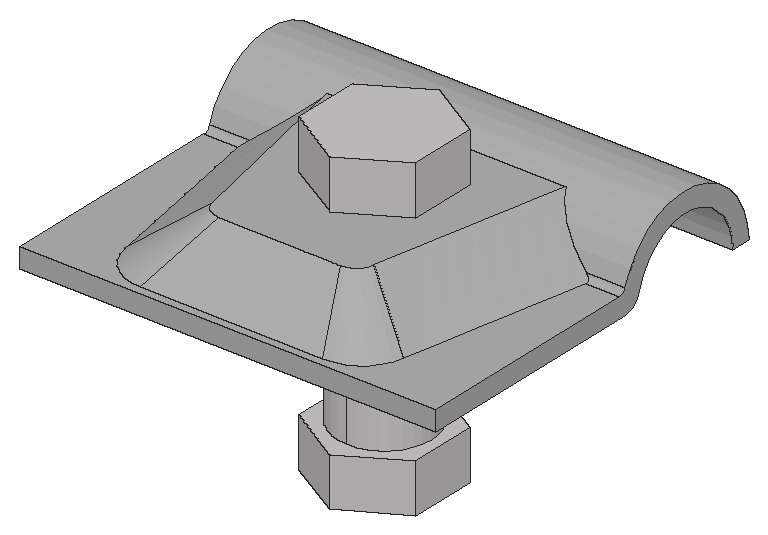
Revit family "DF_ЗажимСоединительныйПрижимной_Пруток-Пруток_91071-2_EZETEK", category Соединительные детали воздуховодов, Revit 2017
Family settings
  Размер круглого соединителя = Использовать радиус
  Тип детали = Соединение
  На основе рабочей плоскости = Нет
  Всегда вертикально = Да
  При загрузке вырезать с полостями = Нет
  Общий = Нет
Parameters (values of type "ЗажимСоединительныйПрижимной_Пруток-Пруток_91071-2")
  Угол = 0.00°  # constant formula
  Тип = FA_ЗажимСоединительныйПрижимной_Пруток-Пруток_91071-2_EZETEK : ЗажимСоединительныйПрижимной_Пруток-Пруток_91071-2
  СфераОшибки [instance] = or(ADSK_Размер_Радиус > 5.0 mm, ADSK_Размер_Радиус < 4.0 mm)  # no
  Предупреждение [instance] = if(СфераОшибки, "Допустимые диаметры стержней: 8, 10", "")  # ""
  Описание = "Зажим выполнен из оцинкованной стали и используется для фиксации прутка системы молниезащиты диаметром 8-10 мм непосредственно к фасаду здания или к металлическим конструкциям при помощи винта."  # constant formula
  Производитель_Контакты = "ezetek@ezetek.ru"  # constant formula
  built-in parameter 1114242 [instance] = 1 = 0  # (empty or 0)
  Изготовитель = "Ezetek"  # constant formula
  Группа модели = "Зажимы"  # constant formula
  URL = "https://ezetek.ru/"
  R_Error [instance] = if(СфераОшибки, 200.0 mm, 1.0 mm)  # 1.0 mm
  ADSK_Этаж [instance] = ""
  ADSK_Размер_Радиус [instance] = 5.0 mm
  ADSK_Размер_Диаметр [instance] = ADSK_Размер_Радиус * 2  # 10.0 mm
  ADSK_Примечание [instance] = "Неспецифицируемое"  # constant formula
  ADSK_Позиция [instance] = "Неспецифицируемое"  # constant formula
  ADSK_Обозначение = "Неспецифицируемое"  # constant formula
  ADSK_Наименование краткое [instance] = "Неспецифицируемое"  # constant formula
  ADSK_Наименование = "Неспецифицируемое"  # constant formula
  ADSK_Материал = BIMLIB_Сталь_Оцинкованная_EZETEK
  ADSK_Масса_Текст = "Неспецифицируемое"  # constant formula
  ADSK_Масса = 0  # constant formula
  ADSK_Марка = "Неспецифицируемое"  # constant formula
  ADSK_Количество = 0  # constant formula
  ADSK_Код изделия = "Неспецифицируемое"  # constant formula
  ADSK_Завод-изготовитель = "Неспецифицируемое"  # constant formula
  ADSK_Единица измерения = "Неспецифицируемое"  # constant formula
  ADSK_Группирование [instance] = ""
  ADSK_Версия Revit = "2017"  # constant formula
Reference planes
  plane 1 "По центру (Вперед/Назад)": y = 0
  plane 2: z = 0
  plane 3 "По центру (Влево/Вправо)": x = 0
  plane 4 "M": y = 0
Forms (mm)
  Revolve 1, solid, visible <- "СфераОшибки"
    sketch origin (0, 0, 0) x (1, 0, 0) y (0, 1, 0)
      loop
        arc (1, 0) -> (0, 1) -> (-1, 0) r 1
        line (-1, 0) -> (1, 0)
      axis (1, 0) -> (-1, 0)
    angle from 0 to 360
Lines and regions (mm)
  reference lines
    curve 1: line (1.016, 0, 0) -> (-1.016, 0, 0)
Dimensions and locks
  curve 1 to curve 1 = 0.0 mm
  "R_Error": radius of Revolve 1 sketch curve
  aligned and locked: level to plane 2
  aligned and locked: plane 1 "По центру (Вперед/Назад)" to Revolve 1 sketch curve  (x2)
  aligned and locked: Revolve 1 sketch curve to plane 4 "M"
  aligned and locked: plane 2 to nested 1
Automatic sketch dimensions
  plane 1 "По центру (Вперед/Назад)" to curve 1 = 0.0 mm
  curve 1 to plane 3 "По центру (Влево/Вправо)" = 1.016 mm
  plane 3 "По центру (Влево/Вправо)" to curve 1 = 1.016 mm
  Revolve 1 sketch curve to plane 3 "По центру (Влево/Вправо)" = 0.0 mm
  Revolve 1 sketch curve to Revolve 1 sketch curve = 0.294 mm
  Revolve 1 sketch curve to Revolve 1 sketch curve = 5.119 mm
Nested families
  nested 1: "FA_ЗажимСоединительныйПрижимной_Пруток-Пруток_91071-2_EZETEK" at (0, -11.69, 0) x (0, 1, 0) z (0, 0, 1), ADSK_Группирование <- "ADSK_Группирование", ADSK_Этаж <- "ADSK_Этаж", type <- "Тип", type "ЗажимСоединительныйПрижимной_Пруток-Пруток_91071-2", detail levels fine
    with Использовать масштаб аннотаций 0, ADSK_Этаж "", ADSK_Примечание "", ADSK_Позиция "", ADSK_Наименование краткое "Зажим соединительный", ADSK_Группирование ""
Connectors
  hvac at (-1.016, 0, 0), driven by "ADSK_Размер_Радиус"
    settings: on curve 1, index 1, duct flow 0.0 L/s, flow factor 0, pres drop 0.0 Pa, loss coef 0, conn angle 0.00°, conn width 304.8 mm, conn height 304.8 mm, conn diameter 10 mm, duct sys type 1, conn prof type 0, flow config 0, flow direction 0, loss method 0, conn ref index 2, conn util no, is conn primary yes, conn desc ""
  hvac at (1.016, 0, 0), driven by "ADSK_Размер_Радиус"
    settings: on curve 1, index 2, duct flow 0.0 L/s, flow factor 0, pres drop 0.0 Pa, loss coef 0, conn angle 0.00°, conn width 304.8 mm, conn height 304.8 mm, conn diameter 10 mm, duct sys type 1, conn prof type 0, flow config 0, flow direction 0, loss method 0, conn ref index 1, conn util no, is conn primary no, conn desc ""
Definition of nested family "FA_ЗажимСоединительныйПрижимной_Пруток-Пруток_91071-2_EZETEK"
  Parameters (values of type "ЗажимСоединительныйПрижимной_Пруток-Пруток_91071-2")
    Угол = 90.00°  # constant formula
    Производитель_Контакты = "ezetek@ezetek.ru"  # constant formula
    Description = "Зажим выполнен из оцинкованной стали и используется для фиксации прутка системы молниезащиты диаметром 8-10 мм непосредственно к фасаду здания или к металлическим конструкциям при помощи винта."  # constant formula
    Использовать масштаб аннотаций [instance] = 1 = 0  # 0
    Manufacturer = "Ezetek"  # constant formula
    Model = "Зажимы"  # constant formula
    URL = "https://ezetek.ru/"
    ADSK_Этаж [instance] = ""
    ADSK_Примечание [instance] = ""
    ADSK_Позиция [instance] = ""
    ADSK_Обозначение = "91071-2"
    ADSK_Наименование краткое [instance] = "Зажим соединительный"
    ADSK_Наименование = "Зажим соединительный круглого проводника 8-10 мм прижимной, оцинк"
    ADSK_Материал = none
    ADSK_Масса_Текст = "0.04"  # constant formula
    ADSK_Масса = 0.04  # constant formula
    ADSK_Марка = "91071-2"
    ADSK_Количество = 1  # constant formula
    ADSK_Код изделия = "91071-2"
    ADSK_Завод-изготовитель = "Ezetek"  # constant formula
    ADSK_Единица измерения = "шт."  # constant formula
    ADSK_Группирование [instance] = ""
    ADSK_Версия Revit = "2017"  # constant formula
  Reference planes
    plane 1 "По центру (Вперед/Назад)": y = 0
    plane 2: z = 0
    plane 3 "По центру (Влево/Вправо)": x = 0
    plane 4: z = 0
    plane 5: y = 21.125
    plane 6: y = -21.125
    plane 7: z = 11.971
    plane 8: x = -19.875
    plane 9: x = 19.875
  Forms (mm)
    Extrusion 1, solid, detail levels fine
      sketch origin (0, 0, 0) x (1, 0, 0) y (0, 1, 0)
        loop
          circle (0, 0) r 4.8
      from 0 to -15.174
    Extrusion 2, solid, detail levels fine
      sketch origin (52, 0, 3.971) x (1, 0, 0) y (0, 1, 0)
        loop
          line (-55.454, 5.982) -> (-58.907, 0) -> (-55.454, -5.982) -> (-48.546, -5.982) -> (-45.093, 0) -> (-48.546, 5.982) -> (-55.454, 5.982)
      from 3 to 8
    Blend 3, solid, material <- "ADSK_Материал", detail levels fine
      base sketch origin (-0.018, 0, 0.458) x (0, -1, 0) y (1, 0, 0)
        loop
          line (-18.019, 4.893) -> (-14.538, -14.85)
          arc (-14.538, -14.85) -> (-12.828, -17.812) -> (-9.614, -18.982) r 5
          line (-9.614, -18.982) -> (8.989, -18.982)
          arc (8.989, -18.982) -> (12.203, -17.812) -> (13.913, -14.85) r 5
          line (13.913, -14.85) -> (17.944, 4.893) -> (-18.019, 4.893)
      top sketch origin (-0.018, 0, 0.458) x (0, -1, 0) y (1, 0, 0)
        loop
          line (-12.183, 8.372) -> (-8.166, -11.582)
          arc (-8.166, -11.582) -> (-7.488, -12.757) -> (-6.214, -13.221) r 1.983
          line (-6.214, -13.221) -> (6.185, -13.221)
          arc (6.185, -13.221) -> (7.482, -12.749) -> (8.171, -11.554) r 2.017
          line (8.171, -11.554) -> (12.183, 8.372) -> (-12.183, 8.372)
      from 1.542 to 6.514
    Extrusion 4, solid, material <- "ADSK_Материал", detail levels fine
      sketch origin (0, 0, 0) x (1, 0, 0) y (0, 0, 1)
        loop
          arc (4.125, 0) -> (5.311, 0.408) -> (5.995, 1.461) r 1.928
          arc (5.995, 1.461) -> (12.581, 5.985) -> (17.875, 0) r 6.03
          line (17.875, 0) -> (19.875, 0)
          arc (19.875, 0) -> (13.119, 7.928) -> (4.22, 2.515) r 8.03
          arc (4.22, 2.515) -> (3.947, 2.142) -> (3.507, 2) r 0.75
          line (3.507, 2) -> (-19.875, 2) -> (-19.875, 0) -> (4.125, 0)
      from 21.125 to -21.125
    Extrusion 5, solid, detail levels fine
      sketch origin (52, 0, -23.174) x (0, -1, 0) y (1, 0, 0)
        loop
          line (-5.982, -55.454) -> (0, -58.907) -> (5.982, -55.454) -> (5.982, -48.546) -> (0, -45.093) -> (-5.982, -48.546) -> (-5.982, -55.454)
      from 3 to 8
  Dimensions and locks
    locked: Extrusion 4 sketch curve to Extrusion 4 sketch curve at 2
    plane 4 to plane 2 = 0.0 mm
    equal spacing: plane 5, plane 1 "По центру (Вперед/Назад)", plane 6  (x2)
    plane 6 to plane 5 = 42.25 mm
    plane 6 to plane 1 "По центру (Вперед/Назад)" = 21.125 mm
    equal spacing: plane 9, plane 3 "По центру (Влево/Вправо)", plane 8
    plane 9 to plane 8 = 39.75 mm
    locked: plane 8 to plane 9 at 39.75
    radius of Extrusion 4 = 6.03 mm
    aligned and locked: level to plane 2
    aligned and locked: plane 5 to Extrusion 4
    aligned and locked: plane 6 to Extrusion 4
    aligned and locked: plane 7 to Extrusion 2
  Automatic sketch dimensions
    plane 1 "По центру (Вперед/Назад)" to Extrusion 1 sketch curve = 0.0 mm
    Extrusion 1 sketch curve to plane 3 "По центру (Влево/Вправо)" = 0.0 mm
    plane 1 "По центру (Вперед/Назад)" to Extrusion 2 sketch curve = 0.0 mm  (x2)
    Extrusion 2 sketch curve to plane 3 "По центру (Влево/Вправо)" = 6.907 mm
    Extrusion 2 sketch curve to plane 3 "По центру (Влево/Вправо)" = 3.454 mm  (x2)
    plane 3 "По центру (Влево/Вправо)" to Extrusion 2 sketch curve = 3.454 mm  (x2)
    Extrusion 2 sketch curve to Extrusion 2 sketch curve = 3.454 mm
    plane 1 "По центру (Вперед/Назад)" to Extrusion 2 sketch curve = 5.982 mm
    Extrusion 2 sketch curve to plane 1 "По центру (Вперед/Назад)" = 5.982 mm
    plane 1 "По центру (Вперед/Назад)" to Extrusion 5 sketch curve = 0.0 mm  (x2)
    Extrusion 5 sketch curve to plane 1 "По центру (Вперед/Назад)" = 5.982 mm
    plane 1 "По центру (Вперед/Назад)" to Extrusion 5 sketch curve = 5.982 mm
    Extrusion 5 sketch curve to plane 3 "По центру (Влево/Вправо)" = 6.907 mm
    Extrusion 5 sketch curve to plane 3 "По центру (Влево/Вправо)" = 3.454 mm  (x2)
    plane 3 "По центру (Влево/Вправо)" to Extrusion 5 sketch curve = 3.454 mm  (x2)
    Extrusion 5 sketch curve to Extrusion 5 sketch curve = 3.454 mm
    Extrusion 4 sketch curve to Extrusion 4 sketch curve = 0.0 mm  (x2)
    Extrusion 4 sketch curve to plane 4 = 0.0 mm  (x2)
    Extrusion 4 sketch curve to plane 8 = 0.0 mm
    plane 9 to Extrusion 4 sketch curve = 0.0 mm
    plane 3 "По центру (Влево/Вправо)" to Extrusion 4 sketch curve = 3.507 mm
    Extrusion 4 sketch curve to Extrusion 4 sketch curve = 0.618 mm
    Extrusion 4 sketch curve to Extrusion 4 sketch curve = 7.72 mm
    Extrusion 4 sketch curve to Extrusion 4 sketch curve = 2.0 mm
    Extrusion 4 sketch curve to Extrusion 4 sketch curve = 0.072 mm
    Extrusion 4 sketch curve to Extrusion 4 sketch curve = 0.75 mm
    Blend 3 sketch curve to plane 5 = 8.942 mm
    Blend 3 sketch curve to plane 1 "По центру (Вперед/Назад)" = 8.166 mm
    Blend 3 sketch curve to Blend 3 sketch curve = 1.953 mm
    plane 1 "По центру (Вперед/Назад)" to Blend 3 sketch curve = 6.185 mm
    Blend 3 sketch curve to Blend 3 sketch curve = 1.986 mm
    Blend 3 sketch curve to plane 6 = 8.942 mm
    plane 8 to Blend 3 sketch curve = 6.636 mm
    Blend 3 sketch curve to Blend 3 sketch curve = 1.639 mm
    Blend 3 sketch curve to Blend 3 sketch curve = 1.667 mm
    plane 3 "По центру (Влево/Вправо)" to Blend 3 sketch curve = 8.355 mm
    Blend 3 sketch curve to plane 5 = 3.106 mm
    Blend 3 sketch curve to plane 5 = 6.587 mm
    Blend 3 sketch curve to Blend 3 sketch curve = 4.924 mm  (x2)
    plane 8 to Blend 3 sketch curve = 0.875 mm
    plane 1 "По центру (Вперед/Назад)" to Blend 3 sketch curve = 8.989 mm
    plane 8 to Blend 3 sketch curve = 5.007 mm  (x2)
    Blend 3 sketch curve to plane 6 = 3.181 mm
    plane 3 "По центру (Влево/Вправо)" to Blend 3 sketch curve = 4.875 mm
    radius of Extrusion 1 sketch curve = 4.8 mm
